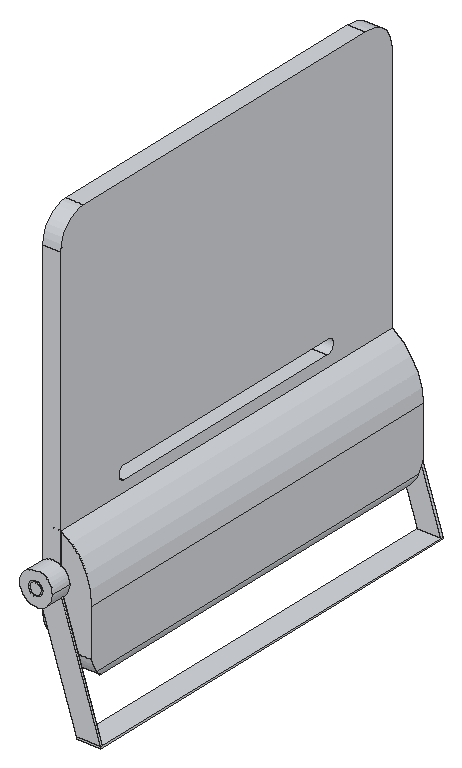
Revit family "2824018", category Generic Models, host Face, Revit 2018
Family settings
  Host = Face
  Can host rebar = No
  Round Connector Dimension = Use Diameter
  Part Type = Normal
  OmniClass Number = 23.80.70.00
  OmniClass Title = Lighting
  Cut with Voids When Loaded = No
  Shared = No
  Room Calculation Point = No
Parameters (values of type "Type Name")
  rotation axis = 142.4 mm
  bracket width = 588 mm
  URL = "http://www.sylvania-lighting.com"
  Type Image = <None>
  Type Comments = "n/a"
  Material_3_SYL = none
  Model = ""
  Manufacturer = "Feilo Sylvania"
  Keynote = ""
  Material_2_SYL = none
  Height = 157.859 mm
  Description = ""
  Default Elevation = 1219.2 mm
  Cost = 0
  Material_1_SYL = none
  Bracket Height = 195 mm
  Assembly Code = ""
  Material_4_SYL = none
Reference planes
  plane 1 "Center (Front/Back)": y = 0
  plane 2: z = 0
  plane 3 "Center (Left/Right)": x = 0
  plane 4: x = -16.5
  plane 5: x = 16.5
  plane 6: z = 155
  plane 7: x = -51.5
  plane 8: z = 137
  plane 9 "Rotation Axis": z = 142.4
  plane 10: z = 152.35
  plane 11: z = 195
  plane 12: x = -73.847
  plane 13: y = 294
  plane 14: y = -294
  plane 15: through (-72.693, -4572, 174.07) normal (-0.3105, 0, 0.9506)
  plane 16: through (-63.557, -4572, 193.954) normal (0.9506, 0, 0.3105)
  plane 17: y = 312
  plane 18: y = 288
  plane 19: y = -312
  plane 20: y = -286
  plane 21: z = 65
Forms (mm)
  Extrusion 1, solid, detail levels medium+fine
    sketch origin (0, 0, 0) x (1, 0, 0) y (0, 1, 0)
      loop
        line (-16.5, 294) -> (-16.5, -294) -> (16.5, -294) -> (16.5, 294) -> (-16.5, 294)
    from 0 to 2
  Extrusion 2, solid, detail levels medium+fine
    sketch origin (1524, -474.9, 1220.035) x (1, 0, 0) y (0, 0, 1)
      loop
        line (-1540.496, -1218.035) -> (-1507.966, -1218.035) -> (-1567.674, -1035.217)
        arc (-1567.674, -1035.217) -> (-1587.557, -1026.081) -> (-1596.693, -1045.965) r 15.473
        line (-1596.693, -1045.965) -> (-1540.496, -1218.035)
    from -180.9 to -182.9
  Extrusion 3, solid, detail levels medium+fine
    sketch origin (0, 0, 0.069) x (1, 0, 0) y (0, 0, 1)
      loop
        line (-16.39, 1.931) -> (16.139, 1.931) -> (-43.636, 184.958)
        arc (-43.636, 184.958) -> (-63.457, 193.922) -> (-72.656, 174.21) r 15.474
        line (-72.656, 174.21) -> (-16.39, 1.931)
    from -294 to -292
  Extrusion 4, solid, detail levels medium+fine
    sketch origin (-6.388, 0, 36.204) x (1, 0, 0) y (0, 0, 1)
      loop
        circle (-51.99, 142.374) r 22.5
    from -286.248 to -312
  Extrusion 5, solid, detail levels medium+fine
    sketch origin (-6.358, 0, 36.195) x (1, 0, 0) y (0, 0, 1)
      loop
        circle (-51.99, 142.374) r 22.5
    from 283.024 to 312
  Extrusion 6, void
    sketch origin (-6.561, 0, 36.284) x (1, 0, 0) y (0, 0, 1)
      loop
        circle (-51.99, 142.374) r 10
    from 294 to 312
  Extrusion 7, solid, detail levels fine
    sketch origin (-6.561, 0, 36.201) x (1, 0, 0) y (0, 0, 1)
      loop
        circle (-51.99, 142.374) r 7.5
    from 294 to 312
  Extrusion 8, void
    sketch origin (1517.357, -324.9, 1255.472) x (1, 0, 0) y (0, 0, 1)
      loop
        circle (-1575.99, -1076.826) r 10
    from -636.9 to -618.9
  Extrusion 9, solid, detail levels fine
    sketch origin (1517.42, -324.9, 1255.374) x (1, 0, 0) y (0, 0, 1)
      loop
        circle (-1575.99, -1076.826) r 7.5
    from -636.9 to -618.9
  Revolve 10, solid, not visible, detail levels coarse
    sketch origin (-58.257, 1655.459, 1254.912) x (0, 1, 0) y (0, 0, 1)
      loop
        line (-1369.21, -1054.349) -> (-1379.437, -1054.349) -> (-1379.437, -1074.349) -> (-1369.21, -1074.349) -> (-1369.21, -1054.349)
      axis (-1369.21, -1076.8) -> (-1379.437, -1076.8)
    angle from 0 to 180
Cuts and joins
  Extrusion 6 cuts Extrusion 5
  Extrusion 8 cuts Extrusion 4
Dimensions and locks
  "Bracket Height": plane 11 to level
  "bracket width": plane 14 to plane 13
  equal spacing: plane 14, plane 1 "Center (Front/Back)", plane 13
  aligned and locked: plane 2 to host face
  aligned and locked: level to host face
Automatic sketch dimensions
  host sketch curve to host sketch curve = 2438.4 mm  (x2)
  Extrusion 1 sketch curve to plane 4 = 0 mm
  Extrusion 1 sketch curve to plane 5 = 0 mm
  Extrusion 4 sketch curve to plane 9 "Rotation Axis" = 36.178 mm
  Extrusion 5 sketch curve to plane 9 "Rotation Axis" = 36.169 mm
  Extrusion 6 sketch curve to plane 9 "Rotation Axis" = 36.258 mm
  Extrusion 7 sketch curve to plane 9 "Rotation Axis" = 36.175 mm
  Extrusion 8 sketch curve to plane 9 "Rotation Axis" = 36.246 mm
  Extrusion 9 sketch curve to plane 9 "Rotation Axis" = 36.148 mm
  Revolve 10 sketch curve to plane 9 "Rotation Axis" = 35.712 mm
  Revolve 10 sketch curve to Revolve 10 sketch curve = 10.227 mm
  Revolve 10 sketch curve to plane 9 "Rotation Axis" = 38.163 mm
  plane 6 to Revolve 10 sketch curve = 45.563 mm
  Revolve 10 sketch curve to Revolve 10 sketch curve = 62.43 mm
  Revolve 10 sketch curve to Revolve 10 sketch curve = 22.367 mm
  plane 12 to Extrusion 2 sketch curve = 1.154 mm
  plane 7 to Extrusion 2 sketch curve = 6.684 mm
  Extrusion 2 sketch curve to plane 7 = 7.826 mm
  plane 4 to Extrusion 2 sketch curve = 0.004 mm
  level to Extrusion 2 sketch curve = 2 mm
  plane 6 to Extrusion 2 sketch curve = 19.07 mm
  Extrusion 2 sketch curve to Extrusion 2 sketch curve = 5.374 mm
  Extrusion 2 sketch curve to plane 5 = 0.466 mm
  plane 12 to Extrusion 3 sketch curve = 1.191 mm
  plane 7 to Extrusion 3 sketch curve = 6.582 mm
  Extrusion 3 sketch curve to plane 7 = 7.864 mm
  plane 4 to Extrusion 3 sketch curve = 0.11 mm
  Extrusion 3 sketch curve to plane 5 = 0.361 mm
  level to Extrusion 3 sketch curve = 2 mm
  Extrusion 3 sketch curve to Extrusion 3 sketch curve = 5.202 mm
  Extrusion 3 sketch curve to plane 11 = 9.973 mm
  plane 7 to Extrusion 6 sketch curve = 7.052 mm
  plane 7 to Extrusion 7 sketch curve = 7.051 mm
  plane 7 to Extrusion 9 sketch curve = 7.07 mm
  plane 7 to Extrusion 4 sketch curve = 6.879 mm
  plane 7 to Extrusion 5 sketch curve = 6.848 mm
  plane 7 to Extrusion 8 sketch curve = 7.133 mm
  Extrusion 1 sketch curve to plane 13 = 0 mm
  Extrusion 1 sketch curve to plane 14 = 0 mm
  Revolve 10 sketch curve to plane 18 = 11.979 mm
  radius of Extrusion 4 sketch curve = 22.5 mm
  radius of Extrusion 5 sketch curve = 22.5 mm
  radius of Extrusion 6 sketch curve = 10 mm
  radius of Extrusion 7 sketch curve = 7.5 mm
  radius of Extrusion 8 sketch curve = 10 mm
  radius of Extrusion 9 sketch curve = 7.5 mm
Nested families
  nested 1: "2824018" at (-58.257, -66.477, 317.5) x (0, 1, 0) z (1, 0, 0), type "2824018 RAIDEN IP66 30KLM 830 ASYM"
    with built-in parameter 1114216 (empty or 0)
Definition of nested family "2824018"
  Parameters (values of type "2824018 RAIDEN IP66 30KLM 830 ASYM")
    height = 60 mm
    Width = 319 mm
    Wattage Comments = "n/a"
    Wattage = 9.2903 W
    built-in parameter 1150110 = 1 (stored number, unit not read)
    URL = "0.95"
    Type Image = (empty or 0)
    Type Comments = "n/a"
    built-in parameter 1114217 = 1 (stored number, unit not read)
    Tilt Angle = -90.00°
    built-in parameter 1150109 = 1 (stored number, unit not read)
    built-in parameter 1150134 = 3
    built-in parameter 1150113 = 1 (stored number, unit not read)
    Photometric Web File = "2824018.IES"
    Material_3_SYL = none
    Model = "Raiden IP66 30KLM 830 Asymmetric Wide"
    Manufacturer = ""
    built-in parameter 1150105 = 109.82 (stored number, unit not read)
    Lumens = 1380 lm
    built-in parameter 1150115 = 1 (stored number, unit not read)
    built-in parameter 1150137 = (empty or 0)
    built-in parameter 1150139 = (empty or 0)
    Length = 511 mm
    built-in parameter 1150112 = 1 (stored number, unit not read)
    built-in parameter 1150114 = 1 (stored number, unit not read)
    Lamp = "n/a"
    Keynote = "n/a"
    Material_2_SYL = none
    built-in parameter 1150132 = (empty or 0)
    built-in parameter 1150102 = (empty or 0)
    built-in parameter 1150107 = 3200 (stored number, unit not read)
    built-in parameter 1150138 = (empty or 0)
    built-in parameter 1150106 = 1.0982 (stored number, unit not read)
    Emit from Circle Diameter = 609.6 mm
    Emit Shape Visible in Rendering = no
    built-in parameter 1150104 = 13.8 (stored number, unit not read)
    Dimming Lamp Color Temperature Shift = (empty or 0)
    Description = "Outdoor and indoor floodlight range with in house design, comes complete with 1m flying lead and adjustable bracket, aluminium housing, RAL 9022 - Pearl light grey, clear glass diffuser, IP66, IK08, Class I, 3000K, Non-dimming, 28600lm, 221W, 129lm/W, CRI80, Asymmetric Wide beam angle 110*50°, 100000 hrs L80B50 lifespan, 561x569x76mm (LxWxH) dimensions, 12.5kg weight."
    Default Elevation = 1219.2 mm
    Cost = 0
    Color Filter = 16777215
    built-in parameter 1114216 [instance] = (empty or 0)
    Material_1_SYL = none
    Body Length = 561 mm
    built-in parameter 1114218 = 1 (stored number, unit not read)
    built-in parameter 1150133 = 10 (stored number, unit not read)
    Assembly Code = "D5020200"
    Apparent Load = 221 VA
    Material_4_SYL = none
  Reference planes
    plane 1 "Center (Front/Back)": y = 2.5
    plane 2: z = 0.95
    plane 3 "Center (Left/Right)": x = 68.124
    plane 4: z = -14.05
    plane 5: z = 15.95
    plane 6: z = 0.95
    plane 7: z = 45.95
    plane 8: y = -253
    plane 9: y = -56
    plane 10: x = 253.624
    plane 11: x = -117.376
    plane 12: x = -123.376
    plane 13: y = -226
    plane 14: y = -76
    plane 15: y = -41.5
    plane 16: y = -213
    plane 17: x = 187.624
    plane 18: x = 259.624
    plane 19: x = 352.624
    plane 20: x = -216.376
    plane 21: x = -194.376
    plane 22: x = 330.624
    plane 23: y = 308
    plane 24: y = 286
    plane 25: x = 322.624
  Forms (mm)
    Extrusion 1, solid
      sketch origin (26.073, 0, 0.95) x (1, 0, 0) y (0, 1, 0)
        loop
          line (-1219.2, 1219.2) -> (-1219.2, -1219.2) -> (1219.2, -1219.2) -> (1219.2, 1219.2) -> (-1219.2, 1219.2)
      from 0 to -68.017
    Extrusion 2, solid, detail levels medium+fine
      sketch origin (83.124, -34.451, 0.95) x (1, 0, 0) y (0, 1, 0)
        loop
          line (-299.5, 302.451) -> (-299.5, -151.549)
          arc (-299.5, -151.549) -> (-287.784, -179.833) -> (-259.5, -191.549) r 40
          line (-259.5, -191.549) -> (229.5, -191.549)
          arc (229.5, -191.549) -> (257.784, -179.833) -> (269.5, -151.549) r 40
          line (269.5, -151.549) -> (269.5, 303.451)
          arc (269.5, 303.451) -> (256.273, 332.849) -> (225.5, 342.451) r 39.284
          line (225.5, 342.451) -> (-259.5, 342.451)
          arc (-259.5, 342.451) -> (-287.784, 330.735) -> (-299.5, 302.451) r 40
      from -15 to 9.702
    Extrusion 3, solid, detail levels medium+fine
      sketch origin (402.124, 1489.549, 1205.15) x (0, 1, 0) y (0, 0, 1)
        loop
          line (-1644.468, -1151.519) -> (-1728.014, -1151.519)
          arc (-1728.014, -1151.519) -> (-1739.904, -1157.404) -> (-1742.436, -1170.427) r 14.954
          line (-1742.436, -1170.427) -> (-1715.549, -1219.2) -> (-1565.549, -1219.2) -> (-1565.549, -1194.2)
          arc (-1565.549, -1194.2) -> (-1599.607, -1162.873) -> (-1644.468, -1151.519) r 94.303
      from -618.5 to -49.5
    Extrusion 4, void
      sketch origin (81.72, -11.578, 0.95) x (1, 0, 0) y (0, 1, 0)
        loop
          arc (-276.096, 29.078) -> (-271.703, 18.471) -> (-261.096, 14.078) r 15
          line (-261.096, 14.078) -> (233.904, 14.078)
          arc (233.904, 14.078) -> (244.51, 18.471) -> (248.904, 29.078) r 15
          line (248.904, 29.078) -> (248.904, 282.578)
          arc (248.904, 282.578) -> (244.51, 293.184) -> (233.904, 297.578) r 15
          line (233.904, 297.578) -> (-261.096, 297.578)
          arc (-261.096, 297.578) -> (-271.703, 293.184) -> (-276.096, 282.578) r 15
          line (-276.096, 282.578) -> (-276.096, 29.078)
      from -16.268 to -10.594
    Extrusion 5, solid, detail levels fine
      sketch origin (83.124, 0.218, 0.95) x (1, 0, 0) y (0, 1, 0)
        loop
          arc (-262.5, 285.782) -> (-273.107, 281.388) -> (-277.5, 270.782) r 15
          line (-277.5, 270.782) -> (-277.5, 17.282)
          arc (-277.5, 17.282) -> (-273.107, 6.675) -> (-262.5, 2.282) r 15
          line (-262.5, 2.282) -> (232.5, 2.282)
          arc (232.5, 2.282) -> (243.107, 6.675) -> (247.5, 17.282) r 15
          line (247.5, 17.282) -> (247.5, 270.782)
          arc (247.5, 270.782) -> (243.107, 281.388) -> (232.5, 285.782) r 15
          line (232.5, 285.782) -> (-262.5, 285.782)
      from -12.231 to -10.594
    Extrusion 6, void
      sketch origin (58.977, -53.062, 0.95) x (1, 0, 0) y (0, 1, 0)
        loop
          arc (184.512, -8.423) -> (194.512, 1.577) -> (184.512, 11.577) r 10
          line (184.512, 11.577) -> (-166.339, 11.577)
          arc (-166.339, 11.577) -> (-176.339, 1.577) -> (-166.339, -8.423) r 10
          line (-166.339, -8.423) -> (184.512, -8.423)
      from -18.734 to 12.525
    Extrusion 7, void
      sketch origin (68.124, -34.451, 0) x (0, 1, 0) y (0, 0, 1)
        loop
          line (-253.049, 15.95) -> (-253.049, -34.125) -> (-191.549, -30.902) -> (-191.549, 15.95) -> (-253.049, 15.95)
      from 191.5 to 306.113
    Extrusion 8, void
      sketch origin (68.124, -34.451, 0) x (0, 1, 0) y (0, 0, 1)
        loop
          line (-191.549, 15.95) -> (-275.432, 15.95) -> (-275.432, -28.004) -> (-191.549, -28.004) -> (-191.549, 15.95)
      from -308.216 to -191.5
    Extrusion 9, void
      sketch origin (-101.376, -126, 0.95) x (1, 0, 0) y (0, 1, 0)
        loop
          line (-115, -60) -> (-115, -100) -> (-75, -100)
          arc (-75, -100) -> (-103.284, -88.284) -> (-115, -60) r 40
      from -22.043 to 15
    Extrusion 10, void
      sketch origin (216.954, 19.065, 0.95) x (1, 0, 0) y (0, 1, 0)
        loop
          line (95.67, -245.065) -> (135.67, -245.065) -> (135.67, -205.065)
          arc (135.67, -205.065) -> (123.954, -233.349) -> (95.67, -245.065) r 40
      from -24.354 to 15
    Extrusion 11, solid, detail levels medium+fine
      sketch origin (1742.042, -359.351, 1205.129) x (1, 0, 0) y (0, 0, 1)
        loop
          circle (-1419.5, -1204.2) r 11
      from -140.977 to -106.464
    Extrusion 12, void
      sketch origin (-125, 0, 0.95) x (1, 0, 0) y (0, 1, 0)
        loop
          line (-91.376, -186) -> (-91.376, -226) -> (-51.376, -226)
          arc (-51.376, -226) -> (-79.66, -214.284) -> (-91.376, -186) r 40
      from -15 to 15
    Extrusion 13, void
      sketch origin (-125.5, 7.123, 0.95) x (1, 0, 0) y (0, 1, 0)
        loop
          line (-91.376, -221) -> (-91.376, -261) -> (-51.376, -261)
          arc (-51.376, -261) -> (-79.66, -249.284) -> (-91.376, -221) r 40
      from 0 to 100
    Extrusion 14, void
      sketch origin (125, 3.379, 0.95) x (1, 0, 0) y (0, 1, 0)
        loop
          arc (227.624, -217.683) -> (215.905, -245.976) -> (187.612, -257.696) r 40.012
          line (187.612, -257.696) -> (227.624, -257.696) -> (227.624, -217.683)
      from 12.525 to 100
    Extrusion 15, solid, detail levels coarse
      sketch origin (0, 0, 0.95) x (1, 0, 0) y (0, 1, 0)
        loop
          line (-216.376, 308) -> (-216.376, -252.887) -> (352.624, -252.887) -> (352.624, 308) -> (-216.376, 308)
      from -15 to 52.681
  Cuts and joins
    Extrusion 4, Extrusion 6, Extrusion 7, Extrusion 8, Extrusion 9, Extrusion 10, Extrusion 12 cuts Extrusion 2
    Extrusion 6, Extrusion 7, Extrusion 8, Extrusion 9, Extrusion 10, Extrusion 12, Extrusion 13, Extrusion 14 cuts Extrusion 3
    Extrusion 14 cuts Extrusion 11
  Dimensions and locks
    "height": plane 4 to plane 7
    plane 1 "Center (Front/Back)" to plane 8 = 255.5 mm
    Extrusion 15 to Extrusion 2 = 534 mm
    plane 1 "Center (Front/Back)" to Extrusion 5 = 283.5 mm
    "Body Length": plane 23 to plane 8
    aligned and locked: plane 2 to Extrusion 1
    aligned and locked: level to Extrusion 1
  Automatic sketch dimensions
    Extrusion 1 sketch curve to Extrusion 1 sketch curve = 2438.4 mm  (x2)
    Extrusion 4 sketch curve to plane 3 "Center (Left/Right)" = 262.5 mm
    Extrusion 4 sketch curve to Extrusion 4 sketch curve = 15 mm  (x3)
    plane 1 "Center (Front/Back)" to Extrusion 4 sketch curve = 0 mm
    Extrusion 4 sketch curve to Extrusion 4 sketch curve = 253.5 mm
    Extrusion 5 sketch curve to plane 3 "Center (Left/Right)" = 262.5 mm
    Extrusion 5 sketch curve to Extrusion 5 sketch curve = 15 mm  (x2)
    plane 1 "Center (Front/Back)" to Extrusion 5 sketch curve = 0 mm
    Extrusion 5 sketch curve to Extrusion 5 sketch curve = 253.5 mm
    Extrusion 7 sketch curve to plane 5 = 0 mm
    Extrusion 7 sketch curve to plane 4 = 16.852 mm
    Extrusion 7 sketch curve to plane 4 = 20.075 mm
    Extrusion 8 sketch curve to plane 5 = 0 mm
    Extrusion 8 sketch curve to plane 4 = 13.954 mm
    Extrusion 8 sketch curve to Extrusion 8 sketch curve = 83.883 mm
    Extrusion 9 sketch curve to plane 3 "Center (Left/Right)" = 284.5 mm
    Extrusion 9 sketch curve to Extrusion 9 sketch curve = 40 mm
    Extrusion 11 sketch curve to level = 0.021 mm
    Extrusion 10 sketch curve to Extrusion 10 sketch curve = 40 mm
    plane 13 to Extrusion 12 sketch curve = 0 mm
    Extrusion 13 sketch curve to plane 16 = 0.877 mm
    Extrusion 13 sketch curve to plane 8 = 0.877 mm
    plane 17 to Extrusion 14 sketch curve = 124.988 mm
    Extrusion 14 sketch curve to plane 16 = 1.305 mm
    Extrusion 14 sketch curve to plane 8 = 1.317 mm
    Extrusion 7 sketch curve to plane 13 = 0 mm
    Extrusion 7 sketch curve to plane 8 = 34.5 mm
    Extrusion 8 sketch curve to plane 13 = 0 mm
    Extrusion 9 sketch curve to plane 13 = 0 mm
    Extrusion 10 sketch curve to plane 13 = 0 mm
    plane 9 to Extrusion 6 sketch curve = 14.516 mm
    plane 14 to Extrusion 6 sketch curve = 14.516 mm
    plane 11 to Extrusion 6 sketch curve = 10.014 mm
    Extrusion 6 sketch curve to plane 10 = 10.135 mm
    Extrusion 3 sketch curve to plane 4 = 0 mm
    Extrusion 3 sketch curve to plane 13 = 0 mm
    Extrusion 3 sketch curve to plane 14 = 0 mm
    plane 8 to Extrusion 3 sketch curve = 14.535 mm
    plane 8 to Extrusion 3 sketch curve = 0.113 mm
    Extrusion 3 sketch curve to plane 4 = 26.622 mm
    Extrusion 3 sketch curve to plane 7 = 11.227 mm
    Extrusion 3 sketch curve to plane 7 = 7.273 mm
    Extrusion 3 sketch curve to plane 5 = 5 mm
    plane 8 to Extrusion 15 sketch curve = 0.113 mm
    Extrusion 15 sketch curve to plane 20 = 0 mm
    plane 17 to Extrusion 4 sketch curve = 128 mm  (x2)
    plane 17 to Extrusion 5 sketch curve = 128 mm  (x2)
    Extrusion 10 sketch curve to plane 19 = 0 mm
    plane 17 to Extrusion 11 sketch curve = 134.918 mm
    Extrusion 15 sketch curve to plane 19 = 0 mm
    Extrusion 15 sketch curve to plane 23 = 0 mm
    Extrusion 12 sketch curve to plane 20 = 0 mm
    plane 21 to Extrusion 12 sketch curve = 18 mm
    Extrusion 5 sketch curve to plane 22 = 0 mm
    Extrusion 2 sketch curve to plane 20 = 0 mm
    Extrusion 2 sketch curve to plane 13 = 0 mm
    Extrusion 2 sketch curve to plane 23 = 0 mm
    Extrusion 2 sketch curve to plane 19 = 0 mm
    plane 21 to Extrusion 2 sketch curve = 18 mm  (x2)
    Extrusion 2 sketch curve to plane 22 = 18 mm
    Extrusion 2 sketch curve to plane 24 = 17 mm
    Extrusion 2 sketch curve to Extrusion 2 sketch curve = 39.284 mm
    Extrusion 13 sketch curve to plane 20 = 0.5 mm
    radius of Extrusion 11 sketch curve = 11 mm
  Connectors
    electrical at (322.542, -252.887, 0.929)
      settings: on Extrusion 11, index 1, voltage 0 V, apparent load 0 VA, apparent load phase1 0 VA, apparent load phase2 0 VA, apparent load phase3 0 VA, power factor 1, load classification none, number of poles 1, system type 31, power factor state 1, is connector primary yes, connector utility no, sub classification motor no, connector description ""
